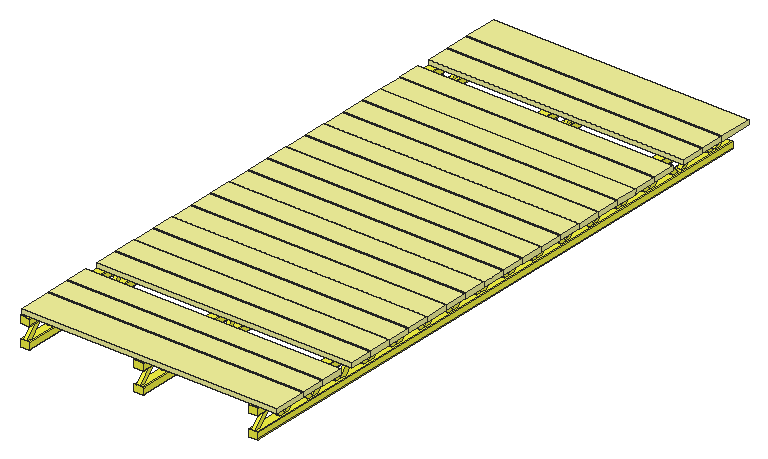
Revit family "SanCongTac-1", category Structural Framing, Revit 2019
Family settings
  Structural Framing Length Roundoff = 0 mm
  Section Shape = Not Defined
  Material for Model Behavior = Other
  Always export as geometry = No
  Work Plane-Based = No
  Always vertical = No
  Cut with Voids When Loaded = No
  Symbolic Representation = From Family
  Shared = No
  Show family pre-cut in plan views = Yes
Reference planes
  plane 1 "Center (Front/Back)": y = 0
  plane 2: z = 0
  plane 3 "Center (Left/Right)": x = 0
  plane 4: x = 2110
Forms (mm)
  Extrusion 1, solid, material "Wood 1"
    sketch origin (-40, -2500, 2440) x (1, 0, 0) y (0, 0, -1)
      loop
        line (5, 0) -> (75, 0)
        arc (75, 0) -> (78.536, 1.464) -> (80, 5) r 5
        line (80, 5) -> (80, 55)
        arc (80, 55) -> (78.536, 58.536) -> (75, 60) r 5
        line (75, 60) -> (5, 60)
        arc (5, 60) -> (1.464, 58.536) -> (0, 55) r 5
        line (0, 55) -> (0, 5)
        arc (0, 5) -> (1.464, 1.464) -> (5, 0) r 5
    from 0 to 5000
  Extrusion 2, solid, material "Wood 1"
    sketch origin (-40, -2500, 2560) x (1, 0, 0) y (0, 0, -1)
      loop
        arc (5, 0) -> (1.464, -1.464) -> (0, -5) r 5
        line (0, -5) -> (0, -55)
        arc (0, -55) -> (1.464, -58.536) -> (5, -60) r 5
        line (5, -60) -> (75, -60)
        arc (75, -60) -> (78.536, -58.536) -> (80, -55) r 5
        line (80, -55) -> (80, -5)
        arc (80, -5) -> (78.536, -1.464) -> (75, 0) r 5
        line (75, 0) -> (5, 0)
    from 0 to 5000
  Extrusion 3, solid, material "Wood 1"
    sketch origin (0, -2500, 2500) x (0, 0, -1) y (0, 1, 0)
      loop
        line (60, 261) -> (60, 311) -> (-60, 213) -> (-60, 163) -> (60, 261)
    from -14 to 14
  Extrusion 4, solid, material "Wood 1"
    sketch origin (0, -1878, 2500) x (0, 0, -1) y (0, 1, 0)
      loop
        line (60, -261) -> (-60, -163) -> (-60, -213) -> (60, -311) -> (60, -261)
    from -14 to 14
  Extrusion 5, solid, material "Wood 1"
    sketch origin (0, -2204, 2500) x (0, 0, -1) y (0, 1, 0)
      loop
        line (60, 261) -> (60, 311) -> (-60, 213) -> (-60, 163) -> (60, 261)
    from -14 to 14
  Extrusion 6, solid, material "Wood 1"
    sketch origin (0, -1908, 2500) x (0, 0, -1) y (0, 1, 0)
      loop
        line (60, 261) -> (60, 311) -> (-60, 213) -> (-60, 163) -> (60, 261)
    from -14 to 14
  Extrusion 7, solid, material "Wood 1"
    sketch origin (0, -1612, 2500) x (0, 0, -1) y (0, 1, 0)
      loop
        line (60, 261) -> (60, 311) -> (-60, 213) -> (-60, 163) -> (60, 261)
    from -14 to 14
  Extrusion 8, solid, material "Wood 1"
    sketch origin (0, -1316, 2500) x (0, 0, -1) y (0, 1, 0)
      loop
        line (60, 261) -> (60, 311) -> (-60, 213) -> (-60, 163) -> (60, 261)
    from -14 to 14
  Extrusion 9, solid, material "Wood 1"
    sketch origin (0, -1020, 2500) x (0, 0, -1) y (0, 1, 0)
      loop
        line (60, 261) -> (60, 311) -> (-60, 213) -> (-60, 163) -> (60, 261)
    from -14 to 14
  Extrusion 10, solid, material "Wood 1"
    sketch origin (0, -724, 2500) x (0, 0, -1) y (0, 1, 0)
      loop
        line (60, 261) -> (60, 311) -> (-60, 213) -> (-60, 163) -> (60, 261)
    from -14 to 14
  Extrusion 11, solid, material "Wood 1"
    sketch origin (0, 2002, 2500) x (0, 0, -1) y (0, 1, 0)
      loop
        line (60, 278) -> (60, 328) -> (-60, 213) -> (-60, 163) -> (60, 278)
    from -14 to 14
  Extrusion 12, solid, material "Wood 1"
    sketch origin (0, -1582, 2500) x (0, 0, -1) y (0, 1, 0)
      loop
        line (60, -261) -> (-60, -163) -> (-60, -213) -> (60, -311) -> (60, -261)
    from -14 to 14
  Extrusion 13, solid, material "Wood 1"
    sketch origin (0, -1286, 2500) x (0, 0, -1) y (0, 1, 0)
      loop
        line (60, -261) -> (-60, -163) -> (-60, -213) -> (60, -311) -> (60, -261)
    from -14 to 14
  Extrusion 14, solid, material "Wood 1"
    sketch origin (0, -990, 2500) x (0, 0, -1) y (0, 1, 0)
      loop
        line (60, -261) -> (-60, -163) -> (-60, -213) -> (60, -311) -> (60, -261)
    from -14 to 14
  Extrusion 15, solid, material "Wood 1"
    sketch origin (0, -694, 2500) x (0, 0, -1) y (0, 1, 0)
      loop
        line (60, -261) -> (-60, -163) -> (-60, -213) -> (60, -311) -> (60, -261)
    from -14 to 14
  Extrusion 16, solid, material "Wood 1"
    sketch origin (0, -398, 2500) x (0, 0, -1) y (0, 1, 0)
      loop
        line (60, -261) -> (-60, -163) -> (-60, -213) -> (60, -311) -> (60, -261)
    from -14 to 14
  Extrusion 17, solid, material "Wood 1"
    sketch origin (0, -102, 2500) x (0, 0, -1) y (0, 1, 0)
      loop
        line (60, -261) -> (-60, -163) -> (-60, -213) -> (60, -311) -> (60, -261)
    from -14 to 14
  Extrusion 18, solid, material "Wood 1"
    sketch origin (0, -2174, 2500) x (0, 0, -1) y (0, 1, 0)
      loop
        line (60, -326) -> (60, -276) -> (-60, -163) -> (-60, -213) -> (60, -326)
    from -14 to 14
  Extrusion 19, solid, material "Wood 1"
    sketch origin (0, -428, 2500) x (0, 0, -1) y (0, 1, 0)
      loop
        line (60, 261) -> (60, 311) -> (-60, 213) -> (-60, 163) -> (60, 261)
    from -14 to 14
  Extrusion 20, solid, material "Wood 1"
    sketch origin (0, 194, 2500) x (0, 0, -1) y (0, 1, 0)
      loop
        line (60, -261) -> (-60, -163) -> (-60, -213) -> (60, -311) -> (60, -261)
    from -14 to 14
  Extrusion 21, solid, material "Wood 1"
    sketch origin (0, -132, 2500) x (0, 0, -1) y (0, 1, 0)
      loop
        line (60, 261) -> (60, 311) -> (-60, 213) -> (-60, 163) -> (60, 261)
    from -14 to 14
  Extrusion 22, solid, material "Wood 1"
    sketch origin (0, 490, 2500) x (0, 0, -1) y (0, 1, 0)
      loop
        line (60, -261) -> (-60, -163) -> (-60, -213) -> (60, -311) -> (60, -261)
    from -14 to 14
  Extrusion 23, solid, material "Wood 1"
    sketch origin (0, 164, 2500) x (0, 0, -1) y (0, 1, 0)
      loop
        line (60, 261) -> (60, 311) -> (-60, 213) -> (-60, 163) -> (60, 261)
    from -14 to 14
  Extrusion 24, solid, material "Wood 1"
    sketch origin (0, 786, 2500) x (0, 0, -1) y (0, 1, 0)
      loop
        line (60, -261) -> (-60, -163) -> (-60, -213) -> (60, -311) -> (60, -261)
    from -14 to 14
  Extrusion 25, solid, material "Wood 1"
    sketch origin (0, 460, 2500) x (0, 0, -1) y (0, 1, 0)
      loop
        line (60, 261) -> (60, 311) -> (-60, 213) -> (-60, 163) -> (60, 261)
    from -14 to 14
  Extrusion 26, solid, material "Wood 1"
    sketch origin (0, 1082, 2500) x (0, 0, -1) y (0, 1, 0)
      loop
        line (60, -261) -> (-60, -163) -> (-60, -213) -> (60, -311) -> (60, -261)
    from -14 to 14
  Extrusion 27, solid, material "Wood 1"
    sketch origin (0, 756, 2500) x (0, 0, -1) y (0, 1, 0)
      loop
        line (60, 261) -> (60, 311) -> (-60, 213) -> (-60, 163) -> (60, 261)
    from -14 to 14
  Extrusion 28, solid, material "Wood 1"
    sketch origin (0, 1378, 2500) x (0, 0, -1) y (0, 1, 0)
      loop
        line (60, -261) -> (-60, -163) -> (-60, -213) -> (60, -311) -> (60, -261)
    from -14 to 14
  Extrusion 29, solid, material "Wood 1"
    sketch origin (0, 1052, 2500) x (0, 0, -1) y (0, 1, 0)
      loop
        line (60, 261) -> (60, 311) -> (-60, 213) -> (-60, 163) -> (60, 261)
    from -14 to 14
  Extrusion 30, solid, material "Wood 1"
    sketch origin (0, 1674, 2500) x (0, 0, -1) y (0, 1, 0)
      loop
        line (60, -261) -> (-60, -163) -> (-60, -213) -> (60, -311) -> (60, -261)
    from -14 to 14
  Extrusion 31, solid, material "Wood 1"
    sketch origin (0, 1348, 2500) x (0, 0, -1) y (0, 1, 0)
      loop
        line (60, 261) -> (60, 311) -> (-60, 213) -> (-60, 163) -> (60, 261)
    from -14 to 14
  Extrusion 32, solid, material "Wood 1"
    sketch origin (0, 1970, 2500) x (0, 0, -1) y (0, 1, 0)
      loop
        line (60, -261) -> (-60, -163) -> (-60, -213) -> (60, -311) -> (60, -261)
    from -14 to 14
  Extrusion 33, solid, material "Wood 1"
    sketch origin (0, 1644, 2500) x (0, 0, -1) y (0, 1, 0)
      loop
        line (60, 261) -> (60, 311) -> (-60, 213) -> (-60, 163) -> (60, 261)
    from -14 to 14
  Extrusion 34, solid, material "Wood 1"
    sketch origin (0, 2306, 2500) x (0, 0, -1) y (0, 1, 0)
      loop
        line (60, -261) -> (-60, -163) -> (-60, -213) -> (60, -311) -> (60, -261)
    from -14 to 14
  Extrusion 35, solid, material "Wood 1"
    sketch origin (0, 2663, 2500) x (0, 0, -1) y (0, 1, 0)
      loop
        line (60, -261) -> (-60, -163) -> (-60, -213) -> (60, -311) -> (60, -261)
    from -14 to 14
  Extrusion 36, solid, material "Wood 1"
    sketch origin (920, -2500, 2440) x (1, 0, 0) y (0, 0, -1)
      loop
        line (5, 0) -> (75, 0)
        arc (75, 0) -> (78.536, 1.464) -> (80, 5) r 5
        line (80, 5) -> (80, 55)
        arc (80, 55) -> (78.536, 58.536) -> (75, 60) r 5
        line (75, 60) -> (5, 60)
        arc (5, 60) -> (1.464, 58.536) -> (0, 55) r 5
        line (0, 55) -> (0, 5)
        arc (0, 5) -> (1.464, 1.464) -> (5, 0) r 5
    from 0 to 5000
  Extrusion 37, solid, material "Wood 1"
    sketch origin (920, -2500, 2560) x (1, 0, 0) y (0, 0, -1)
      loop
        arc (5, 0) -> (1.464, -1.464) -> (0, -5) r 5
        line (0, -5) -> (0, -55)
        arc (0, -55) -> (1.464, -58.536) -> (5, -60) r 5
        line (5, -60) -> (75, -60)
        arc (75, -60) -> (78.536, -58.536) -> (80, -55) r 5
        line (80, -55) -> (80, -5)
        arc (80, -5) -> (78.536, -1.464) -> (75, 0) r 5
        line (75, 0) -> (5, 0)
    from 0 to 5000
  Extrusion 38, solid, material "Wood 1"
    sketch origin (960, -2500, 2500) x (0, 0, -1) y (0, 1, 0)
      loop
        line (60, 261) -> (60, 311) -> (-60, 213) -> (-60, 163) -> (60, 261)
    from -14 to 14
  Extrusion 39, solid, material "Wood 1"
    sketch origin (960, -1878, 2500) x (0, 0, -1) y (0, 1, 0)
      loop
        line (60, -261) -> (-60, -163) -> (-60, -213) -> (60, -311) -> (60, -261)
    from -14 to 14
  Extrusion 40, solid, material "Wood 1"
    sketch origin (960, -2204, 2500) x (0, 0, -1) y (0, 1, 0)
      loop
        line (60, 261) -> (60, 311) -> (-60, 213) -> (-60, 163) -> (60, 261)
    from -14 to 14
  Extrusion 41, solid, material "Wood 1"
    sketch origin (960, -1908, 2500) x (0, 0, -1) y (0, 1, 0)
      loop
        line (60, 261) -> (60, 311) -> (-60, 213) -> (-60, 163) -> (60, 261)
    from -14 to 14
  Extrusion 42, solid, material "Wood 1"
    sketch origin (960, -1612, 2500) x (0, 0, -1) y (0, 1, 0)
      loop
        line (60, 261) -> (60, 311) -> (-60, 213) -> (-60, 163) -> (60, 261)
    from -14 to 14
  Extrusion 43, solid, material "Wood 1"
    sketch origin (960, -1316, 2500) x (0, 0, -1) y (0, 1, 0)
      loop
        line (60, 261) -> (60, 311) -> (-60, 213) -> (-60, 163) -> (60, 261)
    from -14 to 14
  Extrusion 44, solid, material "Wood 1"
    sketch origin (960, -1020, 2500) x (0, 0, -1) y (0, 1, 0)
      loop
        line (60, 261) -> (60, 311) -> (-60, 213) -> (-60, 163) -> (60, 261)
    from -14 to 14
  Extrusion 45, solid, material "Wood 1"
    sketch origin (960, -724, 2500) x (0, 0, -1) y (0, 1, 0)
      loop
        line (60, 261) -> (60, 311) -> (-60, 213) -> (-60, 163) -> (60, 261)
    from -14 to 14
  Extrusion 46, solid, material "Wood 1"
    sketch origin (960, 2002, 2500) x (0, 0, -1) y (0, 1, 0)
      loop
        line (60, 278) -> (60, 328) -> (-60, 213) -> (-60, 163) -> (60, 278)
    from -14 to 14
  Extrusion 47, solid, material "Wood 1"
    sketch origin (960, -1582, 2500) x (0, 0, -1) y (0, 1, 0)
      loop
        line (60, -261) -> (-60, -163) -> (-60, -213) -> (60, -311) -> (60, -261)
    from -14 to 14
  Extrusion 48, solid, material "Wood 1"
    sketch origin (960, -1286, 2500) x (0, 0, -1) y (0, 1, 0)
      loop
        line (60, -261) -> (-60, -163) -> (-60, -213) -> (60, -311) -> (60, -261)
    from -14 to 14
  Extrusion 49, solid, material "Wood 1"
    sketch origin (960, -990, 2500) x (0, 0, -1) y (0, 1, 0)
      loop
        line (60, -261) -> (-60, -163) -> (-60, -213) -> (60, -311) -> (60, -261)
    from -14 to 14
  Extrusion 50, solid, material "Wood 1"
    sketch origin (960, -694, 2500) x (0, 0, -1) y (0, 1, 0)
      loop
        line (60, -261) -> (-60, -163) -> (-60, -213) -> (60, -311) -> (60, -261)
    from -14 to 14
  Extrusion 51, solid, material "Wood 1"
    sketch origin (960, -398, 2500) x (0, 0, -1) y (0, 1, 0)
      loop
        line (60, -261) -> (-60, -163) -> (-60, -213) -> (60, -311) -> (60, -261)
    from -14 to 14
  Extrusion 52, solid, material "Wood 1"
    sketch origin (960, -102, 2500) x (0, 0, -1) y (0, 1, 0)
      loop
        line (60, -261) -> (-60, -163) -> (-60, -213) -> (60, -311) -> (60, -261)
    from -14 to 14
  Extrusion 53, solid, material "Wood 1"
    sketch origin (960, -2174, 2500) x (0, 0, -1) y (0, 1, 0)
      loop
        line (60, -326) -> (60, -276) -> (-60, -163) -> (-60, -213) -> (60, -326)
    from -14 to 14
  Extrusion 54, solid, material "Wood 1"
    sketch origin (960, -428, 2500) x (0, 0, -1) y (0, 1, 0)
      loop
        line (60, 261) -> (60, 311) -> (-60, 213) -> (-60, 163) -> (60, 261)
    from -14 to 14
  Extrusion 55, solid, material "Wood 1"
    sketch origin (960, 194, 2500) x (0, 0, -1) y (0, 1, 0)
      loop
        line (60, -261) -> (-60, -163) -> (-60, -213) -> (60, -311) -> (60, -261)
    from -14 to 14
  Extrusion 56, solid, material "Wood 1"
    sketch origin (960, -132, 2500) x (0, 0, -1) y (0, 1, 0)
      loop
        line (60, 261) -> (60, 311) -> (-60, 213) -> (-60, 163) -> (60, 261)
    from -14 to 14
  Extrusion 57, solid, material "Wood 1"
    sketch origin (960, 490, 2500) x (0, 0, -1) y (0, 1, 0)
      loop
        line (60, -261) -> (-60, -163) -> (-60, -213) -> (60, -311) -> (60, -261)
    from -14 to 14
  Extrusion 58, solid, material "Wood 1"
    sketch origin (960, 164, 2500) x (0, 0, -1) y (0, 1, 0)
      loop
        line (60, 261) -> (60, 311) -> (-60, 213) -> (-60, 163) -> (60, 261)
    from -14 to 14
  Extrusion 59, solid, material "Wood 1"
    sketch origin (960, 786, 2500) x (0, 0, -1) y (0, 1, 0)
      loop
        line (60, -261) -> (-60, -163) -> (-60, -213) -> (60, -311) -> (60, -261)
    from -14 to 14
  Extrusion 60, solid, material "Wood 1"
    sketch origin (960, 460, 2500) x (0, 0, -1) y (0, 1, 0)
      loop
        line (60, 261) -> (60, 311) -> (-60, 213) -> (-60, 163) -> (60, 261)
    from -14 to 14
  Extrusion 61, solid, material "Wood 1"
    sketch origin (960, 1082, 2500) x (0, 0, -1) y (0, 1, 0)
      loop
        line (60, -261) -> (-60, -163) -> (-60, -213) -> (60, -311) -> (60, -261)
    from -14 to 14
  Extrusion 62, solid, material "Wood 1"
    sketch origin (960, 756, 2500) x (0, 0, -1) y (0, 1, 0)
      loop
        line (60, 261) -> (60, 311) -> (-60, 213) -> (-60, 163) -> (60, 261)
    from -14 to 14
  Extrusion 63, solid, material "Wood 1"
    sketch origin (960, 1378, 2500) x (0, 0, -1) y (0, 1, 0)
      loop
        line (60, -261) -> (-60, -163) -> (-60, -213) -> (60, -311) -> (60, -261)
    from -14 to 14
  Extrusion 64, solid, material "Wood 1"
    sketch origin (960, 1052, 2500) x (0, 0, -1) y (0, 1, 0)
      loop
        line (60, 261) -> (60, 311) -> (-60, 213) -> (-60, 163) -> (60, 261)
    from -14 to 14
  Extrusion 65, solid, material "Wood 1"
    sketch origin (960, 1674, 2500) x (0, 0, -1) y (0, 1, 0)
      loop
        line (60, -261) -> (-60, -163) -> (-60, -213) -> (60, -311) -> (60, -261)
    from -14 to 14
  Extrusion 66, solid, material "Wood 1"
    sketch origin (960, 1348, 2500) x (0, 0, -1) y (0, 1, 0)
      loop
        line (60, 261) -> (60, 311) -> (-60, 213) -> (-60, 163) -> (60, 261)
    from -14 to 14
  Extrusion 67, solid, material "Wood 1"
    sketch origin (960, 1970, 2500) x (0, 0, -1) y (0, 1, 0)
      loop
        line (60, -261) -> (-60, -163) -> (-60, -213) -> (60, -311) -> (60, -261)
    from -14 to 14
  Extrusion 68, solid, material "Wood 1"
    sketch origin (960, 1644, 2500) x (0, 0, -1) y (0, 1, 0)
      loop
        line (60, 261) -> (60, 311) -> (-60, 213) -> (-60, 163) -> (60, 261)
    from -14 to 14
  Extrusion 69, solid, material "Wood 1"
    sketch origin (960, 2306, 2500) x (0, 0, -1) y (0, 1, 0)
      loop
        line (60, -261) -> (-60, -163) -> (-60, -213) -> (60, -311) -> (60, -261)
    from -14 to 14
  Extrusion 70, solid, material "Wood 1"
    sketch origin (960, 2663, 2500) x (0, 0, -1) y (0, 1, 0)
      loop
        line (60, -261) -> (-60, -163) -> (-60, -213) -> (60, -311) -> (60, -261)
    from -14 to 14
  Extrusion 71, solid, material "Wood 1"
    sketch origin (1885, -2500, 2440) x (1, 0, 0) y (0, 0, -1)
      loop
        line (5, 0) -> (75, 0)
        arc (75, 0) -> (78.536, 1.464) -> (80, 5) r 5
        line (80, 5) -> (80, 55)
        arc (80, 55) -> (78.536, 58.536) -> (75, 60) r 5
        line (75, 60) -> (5, 60)
        arc (5, 60) -> (1.464, 58.536) -> (0, 55) r 5
        line (0, 55) -> (0, 5)
        arc (0, 5) -> (1.464, 1.464) -> (5, 0) r 5
    from 0 to 5000
  Extrusion 72, solid, material "Wood 1"
    sketch origin (1885, -2500, 2560) x (1, 0, 0) y (0, 0, -1)
      loop
        arc (5, 0) -> (1.464, -1.464) -> (0, -5) r 5
        line (0, -5) -> (0, -55)
        arc (0, -55) -> (1.464, -58.536) -> (5, -60) r 5
        line (5, -60) -> (75, -60)
        arc (75, -60) -> (78.536, -58.536) -> (80, -55) r 5
        line (80, -55) -> (80, -5)
        arc (80, -5) -> (78.536, -1.464) -> (75, 0) r 5
        line (75, 0) -> (5, 0)
    from 0 to 5000
  Extrusion 73, solid, material "Wood 1"
    sketch origin (1925, -2500, 2500) x (0, 0, -1) y (0, 1, 0)
      loop
        line (60, 261) -> (60, 311) -> (-60, 213) -> (-60, 163) -> (60, 261)
    from -14 to 14
  Extrusion 74, solid, material "Wood 1"
    sketch origin (1925, -1878, 2500) x (0, 0, -1) y (0, 1, 0)
      loop
        line (60, -261) -> (-60, -163) -> (-60, -213) -> (60, -311) -> (60, -261)
    from -14 to 14
  Extrusion 75, solid, material "Wood 1"
    sketch origin (1925, -2204, 2500) x (0, 0, -1) y (0, 1, 0)
      loop
        line (60, 261) -> (60, 311) -> (-60, 213) -> (-60, 163) -> (60, 261)
    from -14 to 14
  Extrusion 76, solid, material "Wood 1"
    sketch origin (1925, -1908, 2500) x (0, 0, -1) y (0, 1, 0)
      loop
        line (60, 261) -> (60, 311) -> (-60, 213) -> (-60, 163) -> (60, 261)
    from -14 to 14
  Extrusion 77, solid, material "Wood 1"
    sketch origin (1925, -1612, 2500) x (0, 0, -1) y (0, 1, 0)
      loop
        line (60, 261) -> (60, 311) -> (-60, 213) -> (-60, 163) -> (60, 261)
    from -14 to 14
  Extrusion 78, solid, material "Wood 1"
    sketch origin (1925, -1316, 2500) x (0, 0, -1) y (0, 1, 0)
      loop
        line (60, 261) -> (60, 311) -> (-60, 213) -> (-60, 163) -> (60, 261)
    from -14 to 14
  Extrusion 79, solid, material "Wood 1"
    sketch origin (1925, -1020, 2500) x (0, 0, -1) y (0, 1, 0)
      loop
        line (60, 261) -> (60, 311) -> (-60, 213) -> (-60, 163) -> (60, 261)
    from -14 to 14
  Extrusion 80, solid, material "Wood 1"
    sketch origin (1925, -724, 2500) x (0, 0, -1) y (0, 1, 0)
      loop
        line (60, 261) -> (60, 311) -> (-60, 213) -> (-60, 163) -> (60, 261)
    from -14 to 14
  Extrusion 81, solid, material "Wood 1"
    sketch origin (1925, 2002, 2500) x (0, 0, -1) y (0, 1, 0)
      loop
        line (60, 278) -> (60, 328) -> (-60, 213) -> (-60, 163) -> (60, 278)
    from -14 to 14
  Extrusion 82, solid, material "Wood 1"
    sketch origin (1925, -1582, 2500) x (0, 0, -1) y (0, 1, 0)
      loop
        line (60, -261) -> (-60, -163) -> (-60, -213) -> (60, -311) -> (60, -261)
    from -14 to 14
  Extrusion 83, solid, material "Wood 1"
    sketch origin (1925, -1286, 2500) x (0, 0, -1) y (0, 1, 0)
      loop
        line (60, -261) -> (-60, -163) -> (-60, -213) -> (60, -311) -> (60, -261)
    from -14 to 14
  Extrusion 84, solid, material "Wood 1"
    sketch origin (1925, -990, 2500) x (0, 0, -1) y (0, 1, 0)
      loop
        line (60, -261) -> (-60, -163) -> (-60, -213) -> (60, -311) -> (60, -261)
    from -14 to 14
  Extrusion 85, solid, material "Wood 1"
    sketch origin (1925, -694, 2500) x (0, 0, -1) y (0, 1, 0)
      loop
        line (60, -261) -> (-60, -163) -> (-60, -213) -> (60, -311) -> (60, -261)
    from -14 to 14
  Extrusion 86, solid, material "Wood 1"
    sketch origin (1925, -398, 2500) x (0, 0, -1) y (0, 1, 0)
      loop
        line (60, -261) -> (-60, -163) -> (-60, -213) -> (60, -311) -> (60, -261)
    from -14 to 14
  Extrusion 87, solid, material "Wood 1"
    sketch origin (1925, -102, 2500) x (0, 0, -1) y (0, 1, 0)
      loop
        line (60, -261) -> (-60, -163) -> (-60, -213) -> (60, -311) -> (60, -261)
    from -14 to 14
  Extrusion 88, solid, material "Wood 1"
    sketch origin (1925, -2174, 2500) x (0, 0, -1) y (0, 1, 0)
      loop
        line (60, -326) -> (60, -276) -> (-60, -163) -> (-60, -213) -> (60, -326)
    from -14 to 14
  Extrusion 89, solid, material "Wood 1"
    sketch origin (1925, -428, 2500) x (0, 0, -1) y (0, 1, 0)
      loop
        line (60, 261) -> (60, 311) -> (-60, 213) -> (-60, 163) -> (60, 261)
    from -14 to 14
  Extrusion 90, solid, material "Wood 1"
    sketch origin (1925, 194, 2500) x (0, 0, -1) y (0, 1, 0)
      loop
        line (60, -261) -> (-60, -163) -> (-60, -213) -> (60, -311) -> (60, -261)
    from -14 to 14
  Extrusion 91, solid, material "Wood 1"
    sketch origin (1925, -132, 2500) x (0, 0, -1) y (0, 1, 0)
      loop
        line (60, 261) -> (60, 311) -> (-60, 213) -> (-60, 163) -> (60, 261)
    from -14 to 14
  Extrusion 92, solid, material "Wood 1"
    sketch origin (1925, 490, 2500) x (0, 0, -1) y (0, 1, 0)
      loop
        line (60, -261) -> (-60, -163) -> (-60, -213) -> (60, -311) -> (60, -261)
    from -14 to 14
  Extrusion 93, solid, material "Wood 1"
    sketch origin (1925, 164, 2500) x (0, 0, -1) y (0, 1, 0)
      loop
        line (60, 261) -> (60, 311) -> (-60, 213) -> (-60, 163) -> (60, 261)
    from -14 to 14
  Extrusion 94, solid, material "Wood 1"
    sketch origin (1925, 786, 2500) x (0, 0, -1) y (0, 1, 0)
      loop
        line (60, -261) -> (-60, -163) -> (-60, -213) -> (60, -311) -> (60, -261)
    from -14 to 14
  Extrusion 95, solid, material "Wood 1"
    sketch origin (1925, 460, 2500) x (0, 0, -1) y (0, 1, 0)
      loop
        line (60, 261) -> (60, 311) -> (-60, 213) -> (-60, 163) -> (60, 261)
    from -14 to 14
  Extrusion 96, solid, material "Wood 1"
    sketch origin (1925, 1082, 2500) x (0, 0, -1) y (0, 1, 0)
      loop
        line (60, -261) -> (-60, -163) -> (-60, -213) -> (60, -311) -> (60, -261)
    from -14 to 14
  Extrusion 97, solid, material "Wood 1"
    sketch origin (1925, 756, 2500) x (0, 0, -1) y (0, 1, 0)
      loop
        line (60, 261) -> (60, 311) -> (-60, 213) -> (-60, 163) -> (60, 261)
    from -14 to 14
  Extrusion 98, solid, material "Wood 1"
    sketch origin (1925, 1378, 2500) x (0, 0, -1) y (0, 1, 0)
      loop
        line (60, -261) -> (-60, -163) -> (-60, -213) -> (60, -311) -> (60, -261)
    from -14 to 14
  Extrusion 99, solid, material "Wood 1"
    sketch origin (1925, 1052, 2500) x (0, 0, -1) y (0, 1, 0)
      loop
        line (60, 261) -> (60, 311) -> (-60, 213) -> (-60, 163) -> (60, 261)
    from -14 to 14
  Extrusion 100, solid, material "Wood 1"
    sketch origin (1925, 1674, 2500) x (0, 0, -1) y (0, 1, 0)
      loop
        line (60, -261) -> (-60, -163) -> (-60, -213) -> (60, -311) -> (60, -261)
    from -14 to 14
  Extrusion 101, solid, material "Wood 1"
    sketch origin (1925, 1348, 2500) x (0, 0, -1) y (0, 1, 0)
      loop
        line (60, 261) -> (60, 311) -> (-60, 213) -> (-60, 163) -> (60, 261)
    from -14 to 14
  Extrusion 102, solid, material "Wood 1"
    sketch origin (1925, 1970, 2500) x (0, 0, -1) y (0, 1, 0)
      loop
        line (60, -261) -> (-60, -163) -> (-60, -213) -> (60, -311) -> (60, -261)
    from -14 to 14
  Extrusion 103, solid, material "Wood 1"
    sketch origin (1925, 1644, 2500) x (0, 0, -1) y (0, 1, 0)
      loop
        line (60, 261) -> (60, 311) -> (-60, 213) -> (-60, 163) -> (60, 261)
    from -14 to 14
  Extrusion 104, solid, material "Wood 1"
    sketch origin (1925, 2306, 2500) x (0, 0, -1) y (0, 1, 0)
      loop
        line (60, -261) -> (-60, -163) -> (-60, -213) -> (60, -311) -> (60, -261)
    from -14 to 14
  Extrusion 105, solid, material "Wood 1"
    sketch origin (1925, 2663, 2500) x (0, 0, -1) y (0, 1, 0)
      loop
        line (60, -261) -> (-60, -163) -> (-60, -213) -> (60, -311) -> (60, -261)
    from -14 to 14
  Extrusion 106, solid, material "Wood 2"
    sketch origin (0, -353.398, 0) x (0, 1, 0) y (0, 0, 1)
      loop
        line (2548.398, 2620) -> (2548.398, 2660) -> (2358.398, 2660) -> (2358.398, 2620) -> (2548.398, 2620)
    from -40 to 2110
  Extrusion 107, solid, material "Wood 2"
    sketch origin (0, -553.398, 0) x (0, 1, 0) y (0, 0, 1)
      loop
        line (2548.398, 2620) -> (2548.398, 2660) -> (2358.398, 2660) -> (2358.398, 2620) -> (2548.398, 2620)
    from -40 to 2110
  Extrusion 108, solid, material "Wood 2"
    sketch origin (0, -853.398, 0) x (0, 1, 0) y (0, 0, 1)
      loop
        line (2548.398, 2620) -> (2548.398, 2660) -> (2358.398, 2660) -> (2358.398, 2620) -> (2548.398, 2620)
    from -40 to 2110
  Extrusion 109, solid, material "Wood 2"
    sketch origin (0, -1053.398, 0) x (0, 1, 0) y (0, 0, 1)
      loop
        line (2548.398, 2620) -> (2548.398, 2660) -> (2358.398, 2660) -> (2358.398, 2620) -> (2548.398, 2620)
    from -40 to 2110
  Extrusion 110, solid, material "Wood 2"
    sketch origin (0, -1253.398, 0) x (0, 1, 0) y (0, 0, 1)
      loop
        line (2548.398, 2620) -> (2548.398, 2660) -> (2358.398, 2660) -> (2358.398, 2620) -> (2548.398, 2620)
    from -40 to 2110
  Extrusion 111, solid, material "Wood 2"
    sketch origin (0, -1453.398, 0) x (0, 1, 0) y (0, 0, 1)
      loop
        line (2548.398, 2620) -> (2548.398, 2660) -> (2358.398, 2660) -> (2358.398, 2620) -> (2548.398, 2620)
    from -40 to 2110
  Extrusion 112, solid, material "Wood 2"
    sketch origin (0, -1653.398, 0) x (0, 1, 0) y (0, 0, 1)
      loop
        line (2548.398, 2620) -> (2548.398, 2660) -> (2358.398, 2660) -> (2358.398, 2620) -> (2548.398, 2620)
    from -40 to 2110
  Extrusion 113, solid, material "Wood 2"
    sketch origin (0, -1853.398, 0) x (0, 1, 0) y (0, 0, 1)
      loop
        line (2548.398, 2620) -> (2548.398, 2660) -> (2358.398, 2660) -> (2358.398, 2620) -> (2548.398, 2620)
    from -40 to 2110
  Extrusion 114, solid, material "Wood 2"
    sketch origin (0, -2053.398, 0) x (0, 1, 0) y (0, 0, 1)
      loop
        line (2548.398, 2620) -> (2548.398, 2660) -> (2358.398, 2660) -> (2358.398, 2620) -> (2548.398, 2620)
    from -40 to 2110
  Extrusion 115, solid, material "Wood 2"
    sketch origin (0, -2253.398, 0) x (0, 1, 0) y (0, 0, 1)
      loop
        line (2548.398, 2620) -> (2548.398, 2660) -> (2358.398, 2660) -> (2358.398, 2620) -> (2548.398, 2620)
    from -40 to 2110
  Extrusion 116, solid, material "Wood 2"
    sketch origin (0, -2453.398, 0) x (0, 1, 0) y (0, 0, 1)
      loop
        line (2548.398, 2620) -> (2548.398, 2660) -> (2358.398, 2660) -> (2358.398, 2620) -> (2548.398, 2620)
    from -40 to 2110
  Extrusion 117, solid, material "Wood 2"
    sketch origin (0, -2653.398, 0) x (0, 1, 0) y (0, 0, 1)
      loop
        line (2548.398, 2620) -> (2548.398, 2660) -> (2358.398, 2660) -> (2358.398, 2620) -> (2548.398, 2620)
    from -40 to 2110
  Extrusion 118, solid, material "Wood 2"
    sketch origin (0, -2853.398, 0) x (0, 1, 0) y (0, 0, 1)
      loop
        line (2548.398, 2620) -> (2548.398, 2660) -> (2358.398, 2660) -> (2358.398, 2620) -> (2548.398, 2620)
    from -40 to 2110
  Extrusion 119, solid, material "Wood 2"
    sketch origin (0, -3053.398, 0) x (0, 1, 0) y (0, 0, 1)
      loop
        line (2548.398, 2620) -> (2548.398, 2660) -> (2358.398, 2660) -> (2358.398, 2620) -> (2548.398, 2620)
    from -40 to 2110
  Extrusion 120, solid, material "Wood 2"
    sketch origin (0, -3253.398, 0) x (0, 1, 0) y (0, 0, 1)
      loop
        line (2548.398, 2620) -> (2548.398, 2660) -> (2358.398, 2660) -> (2358.398, 2620) -> (2548.398, 2620)
    from -40 to 2110
  Extrusion 121, solid, material "Wood 2"
    sketch origin (0, -3453.398, 0) x (0, 1, 0) y (0, 0, 1)
      loop
        line (2548.398, 2620) -> (2548.398, 2660) -> (2358.398, 2660) -> (2358.398, 2620) -> (2548.398, 2620)
    from -40 to 2110
  Extrusion 122, solid, material "Wood 2"
    sketch origin (0, -3653.398, 0) x (0, 1, 0) y (0, 0, 1)
      loop
        line (2548.398, 2620) -> (2548.398, 2660) -> (2358.398, 2660) -> (2358.398, 2620) -> (2548.398, 2620)
    from -40 to 2110
  Extrusion 123, solid, material "Wood 2"
    sketch origin (0, -3853.398, 0) x (0, 1, 0) y (0, 0, 1)
      loop
        line (2548.398, 2620) -> (2548.398, 2660) -> (2358.398, 2660) -> (2358.398, 2620) -> (2548.398, 2620)
    from -40 to 2110
  Extrusion 124, solid, material "Wood 2"
    sketch origin (0, -4053.398, 0) x (0, 1, 0) y (0, 0, 1)
      loop
        line (2548.398, 2620) -> (2548.398, 2660) -> (2358.398, 2660) -> (2358.398, 2620) -> (2548.398, 2620)
    from -40 to 2110
  Extrusion 125, solid, material "Wood 2"
    sketch origin (0, -4353.398, 0) x (0, 1, 0) y (0, 0, 1)
      loop
        line (2548.398, 2620) -> (2548.398, 2660) -> (2358.398, 2660) -> (2358.398, 2620) -> (2548.398, 2620)
    from -40 to 2110
  Extrusion 126, solid, material "Wood 2"
    sketch origin (0, -4553.398, 0) x (0, 1, 0) y (0, 0, 1)
      loop
        line (2548.398, 2620) -> (2548.398, 2660) -> (2358.398, 2660) -> (2358.398, 2620) -> (2548.398, 2620)
    from -40 to 2110
  Extrusion 127, solid, material "Wood 2"
    sketch origin (0, -4753.398, 0) x (0, 1, 0) y (0, 0, 1)
      loop
        line (2548.398, 2620) -> (2548.398, 2660) -> (2267.457, 2660) -> (2267.457, 2620) -> (2548.398, 2620)
    from -40 to 2110
  Extrusion 128, solid, material "Wood 2"
    sketch origin (0, 4753.398, 0) x (0, -1, 0) y (0, 0, -1)
      loop
        line (2548.398, -2620) -> (2267.457, -2620) -> (2267.457, -2660) -> (2548.398, -2660) -> (2548.398, -2620)
    from -40 to 2110
Cuts and joins
  joined: Extrusion 1, Extrusion 2, Extrusion 3, Extrusion 4, Extrusion 5, Extrusion 6, Extrusion 7, Extrusion 8, Extrusion 9, Extrusion 10, Extrusion 11, Extrusion 12, Extrusion 13, Extrusion 14, Extrusion 15, Extrusion 16, Extrusion 17, Extrusion 18, Extrusion 19, Extrusion 20, Extrusion 21, Extrusion 22, Extrusion 23, Extrusion 24, Extrusion 25, Extrusion 26, Extrusion 27, Extrusion 28, Extrusion 29, Extrusion 30, Extrusion 31, Extrusion 32, Extrusion 33, Extrusion 34
Dimensions and locks
  aligned and locked: level to plane 2
